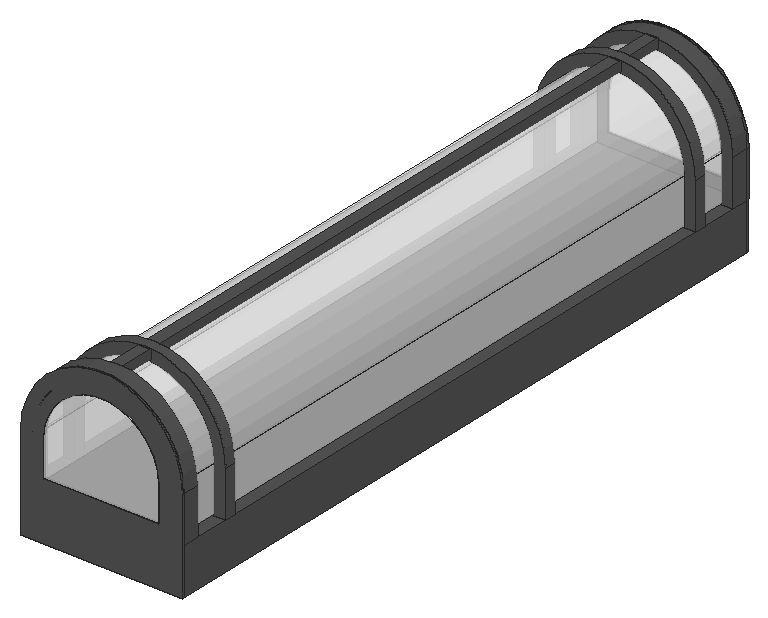
Revit family "AFX-Crain-Outdoor_Sconce", category Lighting Fixtures, host Face, Revit 2022 (continued)
Types (3): name | Wattage Comments | Wattage | Product Documentation Link | Photometric Web File | built-in parameter 1150142 | Model | built-in parameter 1150105 | Lumens | built-in parameter 1150106 | Height | built-in parameter 1150104 | Description
  CRNW0624 | "24W" | 24 W | "https://www.afxinc.com/products/productDetail.cfm?productID=2980" | "CRNW0624LAJUDTG_3000K_IES.IES" | "IESNA:LM-63-2002\r\n[TEST] LCZP24090314\r\n[TESTLAB] LCTECH 241225103003\r\n[TESTDATE] 2025/1/6\r\n[ISSUEDATE] 2025/1/6\r\n[MANUFAC] ÀÖ´ï¿­\r\n[LUMCAT] CRNW0624LAJUDTG\r\n[LUMINAIRE] LED lamp\r\n[LAMPCAT] \r\n[LAMP] \r\n[LumELE] 119.97 0.204 24.26 0.9932\r\nTILT=NONE\r\n1 1929.99 1 37 13 1 2 0.1 0.57 0.12\r\n1 1 24.26\r\n0.00 5.00 10.00 15.00 20.00 25.00 30.00 35.00 40.00 45.00 50.00 55.00 60.00 65.00 70.00 75.00 80.00 85.00 90.00 95.00 100.00 105.00 110.00 115.00 120.00 125.00 130.00 135.00 140.00 145.00 150.00 155.00 160.00 165.00 170.00 175.00 180.00\r\n0.00 15.00 30.00 45.00 60.00 75.00 90.00 105.00 120.00 135.00 150.00 165.00 180.00\r\n250.303 261.271 275.071 287.031 294.39 299.91 302.67 303.59 303.59 308.19 310.95 312.79 312.79 311.87 309.11 306.35 301.75 298.99 298.07 298.07 299.91 303.59 308.19 311.87 313.71 315.55 315.55 313.71 311.87 309.11 310.03 308.19 304.51 297.15 287.95 \r\n275.991 114.288\r\n250.303 261.271 275.071 286.111 293.93 298.99 301.29 300.83 299.91 302.21 304.05 304.97 304.51 302.67 299.91 295.77 291.17 287.031 286.571 287.03 288.87 292.55 297.61 301.75 304.97 306.81 308.19 306.81 305.43 305.43 306.81 305.89 301.75 295.77 286.571 \r\n274.611 114.288\r\n250.303 261.731 273.691 283.351 289.79 293.01 294.39 292.55 288.41 286.111 285.191 283.811 280.591 276.451 271.851 266.331 259.891 254.832 252.992 253.452 256.212 261.731 267.711 273.691 278.291 282.891 285.651 287.49 289.33 294.39 297.61 297.61 295.77 \r\n291.17 283.351 270.931 114.288\r\n250.303 260.351 269.551 277.371 281.511 282.891 281.971 278.751 272.771 264.491 257.131 250.692 243.792 235.972 227.232 218.493 209.753 202.853 200.093 200.553 204.693 212.513 221.253 230.452 238.732 246.552 253.452 261.271 270.011 277.371 282.431 285.191\r\n 285.651 283.351 275.991 250.692 114.288\r\n250.303 257.591 263.571 267.711 269.091 268.631 264.951 258.971 251.152 240.572 227.692 213.893 200.553 186.294 172.954 159.155 146.735 136.155 131.556 132.476 139.375 151.335 164.215 178.474 190.894 205.613 220.793 234.592 246.092 255.752 263.571 269.091\r\n 271.391 270.471 255.292 231.832 114.288\r\n250.303 255.752 257.591 257.591 254.832 250.232 244.252 235.512 223.553 211.133 196.413 179.854 161.455 142.135 121.436 101.657 82.337 66.698 58.418 60.718 72.218 88.777 109.016 129.256 149.495 169.274 187.674 203.313 218.033 229.992 240.572 248.392 \r\n253.912 248.392 232.752 221.713 114.288\r\n250.303 256.212 253.452 248.852 241.032 232.292 221.253 207.913 193.654 176.634 159.155 140.295 120.056 98.437 76.817 55.198 36.339 21.619 15.639 21.619 36.339 55.658 76.357 97.977 119.596 140.295 159.155 177.554 194.114 209.293 222.633 229.072 219.413 \r\n196.873 180.314 181.694 114.288\r\n250.303 246.552 239.652 229.992 219.413 206.533 191.814 175.714 158.695 140.295 121.436 101.657 82.337 63.478 45.079 29.899 17.939 12.42 12.88 16.099 25.299 38.639 55.198 73.138 91.997 108.556 125.576 142.595 157.775 172.494 185.834 194.114 194.574 \r\n184.454 190.894 206.073 114.288\r\n250.303 241.952 231.372 218.953 204.693 189.054 172.494 154.555 137.075 118.676 100.737 82.797 64.858 48.298 33.119 20.699 13.34 11.96 11.96 12.88 17.939 27.599 39.099 52.898 67.158 81.417 95.217 108.556 117.296 133.856 146.735 154.095 156.395 153.175 \r\n165.135 195.034 114.288\r\n250.303 237.812 224.473 208.833 193.194 176.174 158.235 140.755 122.356 104.877 86.477 70.378 53.818 38.639 25.759 15.179 11.04 11.04 11.04 10.58 14.26 21.619 32.659 44.159 52.438 71.758 86.477 101.197 113.156 123.276 135.696 143.055 143.055 139.835 \r\n143.975 179.394 114.288\r\n250.303 235.052 219.413 201.933 190.894 166.055 148.575 129.256 112.236 93.837 77.737 61.178 45.538 31.279 18.859 10.58 8.74 8.74 8.74 8.74 9.66 17.939 27.139 38.639 51.518 64.858 79.577 94.757 109.476 122.356 133.856 144.895 142.595 132.936 124.196 \r\n160.535 114.288\r\n250.303 231.832 215.273 197.333 178.934 160.535 141.675 123.276 112.236 87.857 70.838 54.738 39.559 26.219 13.80 6.90 6.44 6.44 6.44 6.44 6.90 13.80 22.999 34.499 46.458 60.258 73.598 88.777 103.497 118.216 133.396 144.435 151.335 127.416 100.737 155.475 \r\n114.288\r\n250.303 230.912 213.433 195.034 177.554 157.315 139.835 121.436 103.037 85.557 68.998 52.438 48.758 22.999 11.96 5.52 4.60 4.60 4.60 4.60 4.60 11.04 21.159 32.199 44.159 57.958 71.758 87.397 103.037 116.836 131.556 144.435 156.395 121.436 90.157 157.315 \r\n114.288\r\n" | "CRNW0624" | 7063.1 (stored number, unit not read) | 43200 lm | 70.631 (stored number, unit not read) | 24" | 167.23 (stored number, unit not read) | "LED Outdoor Sconce - 5 1/2\"W x 6\"D x 24\"H"
